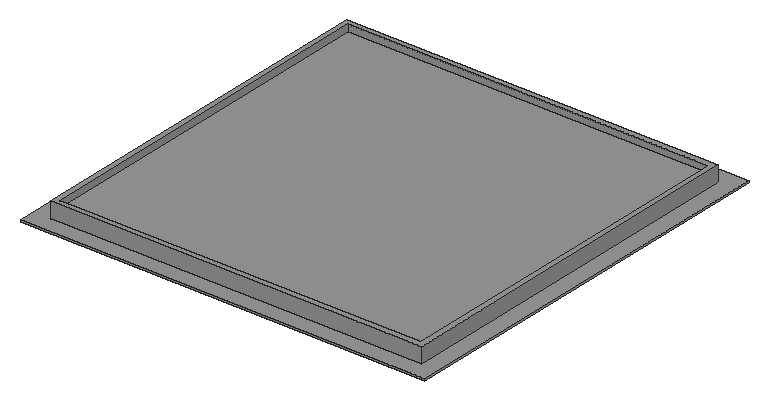
Revit family "Rahmenkassette Schwerlast, blind, RKSL, Nenngröße 350-3, Belastungsklasse 2", category Generic Models, Revit 2015
Parameters (values of type "RK SL2 V3 20")
  Width 1 = 388 mm
  Width = 424 mm
  URL = "http://www.obo-bettermann.com"
  Material = Stainless Steel
  Manufacturer Art.No. = "7405952"
  Manufacturer = "OBO Bettermann"
  Height 1 = 18 mm
  Height = 20 mm
  GTIN = "4012195106050"
  Cut depth = 9 mm
  Article Type = "RK SL2 V3 20"
Types (5, lengths in mm): name | Width 1 | Width | Manufacturer Art.No. | Height 1 | Height | GTIN | Article Type
  (no name) | 388 | 424 | "7405952" | 18 | 20 | "4012195106050" | "RK SL2 V3 20"
  RK SL2 V3 20 | 388 | 424 | "7405952" | 18 | 20 | "4012195106050" | "RK SL2 V3 20"
  RK SL2 V3 25 | 388 | 424 | "7405956" | 23 | 25 | "4012195106067" | "RK SL2 V3 25"
  RK SL2 V3 30 | 288 | 324 | "7405960" | 28 | 30 | "4012195106074" | "RK SL2 V3 30"
  RK SL2 V3 40 | 388 | 424 | "7405968" | 38 | 40 | "4012195106111" | "RK SL2 V3 40"
Reference planes
  plane 1 "Center (Front/Back)": y = 0
  plane 2: z = 0
  plane 3 "Center (Left/Right)": x = 0
  plane 4: z = 2
  plane 5: y = 175
  plane 6: y = -175
  plane 7: z = 11
Forms (mm)
  Extrusion 1, solid, material "Stainless Steel" <- "Material"
    sketch origin (0, 0, 0) x (1, 0, 0) y (0, 1, 0)
      loop
        line (-194, 194) -> (-194, -194) -> (194, -194) -> (194, 194) -> (-194, 194)
    from 0 to 18
  Extrusion 2, solid, material "Stainless Steel" <- "Material"
    sketch origin (0, 0, 0) x (1, 0, 0) y (0, 1, 0)
      loop
        line (-212, 212) -> (-212, -212) -> (212, -212) -> (212, 212) -> (-212, 212)
      loop
        line (194, 194) -> (-194, 194) -> (-194, -194) -> (194, -194) -> (194, 194)
    from 0 to 2
  Extrusion 3, void
    sketch origin (0, 0, 0) x (1, 0, 0) y (0, 1, 0)
      loop
        line (-189.1, 189.1) -> (-189.1, -189.1) -> (189.1, -189.1) -> (189.1, 189.1) -> (-189.1, 189.1)
    from 11 to 18
  Extrusion 4, solid, material "Stainless Steel" <- "Material"
    sketch origin (0, 0, 0) x (1, 0, 0) y (0, 0, 1)
      loop
        line (-61, 0) -> (-61, -35) -> (-49, -35) -> (-49, -33) -> (-59, -33) -> (-59, 0) -> (-61, 0)
      loop
        line (59, 0) -> (59, -33) -> (46, -33) -> (46, -35) -> (61, -35) -> (61, 0) -> (59, 0)
    from -175 to 175
  Extrusion 5, void
    sketch origin (0, 0, 0) x (0, 1, 0) y (0, 0, 1)
      loop
        line (175, 0) -> (153, -33) -> (153, -35) -> (175, -35) -> (175, 0)
      loop
        line (-175, 0) -> (-175, -35) -> (-153, -35) -> (-153, -33) -> (-175, 0)
    from -61 to 61
Cuts and joins
  Extrusion 3 cuts Extrusion 1
  Extrusion 5 cuts Extrusion 4
Dimensions and locks
  "Width 1": Extrusion 1 sketch curve to Extrusion 1 sketch curve  (x2)
  equal spacing: Extrusion 1 sketch curve, plane 3 "Center (Left/Right)", Extrusion 1 sketch curve
  equal spacing: Extrusion 1 sketch curve, plane 1 "Center (Front/Back)", Extrusion 1 sketch curve
  "Height 1": Extrusion 1 to level
  "Width": Extrusion 2 sketch curve to Extrusion 2 sketch curve  (x2)
  equal spacing: Extrusion 2 sketch curve, plane 3 "Center (Left/Right)", Extrusion 2 sketch curve
  equal spacing: Extrusion 2 sketch curve, plane 1 "Center (Front/Back)", Extrusion 2 sketch curve
  locked: plane 4 to level at 2
  locked: Extrusion 3 sketch curve to Extrusion 3 sketch curve at 378.2  (x2)
  locked: Extrusion 4 sketch curve to Extrusion 4 sketch curve at 2  (x4)
  locked: Extrusion 2 to Extrusion 4 sketch curve at 35  (x2)
  locked: Extrusion 4 sketch curve to Extrusion 4 sketch curve at 118
  equal spacing: Extrusion 4 sketch curve, plane 3 "Center (Left/Right)", Extrusion 4 sketch curve, locked at 59 each
  locked: plane 5 to plane 6 at 350
  locked: plane 5 to plane 1 "Center (Front/Back)" at 175
  locked: Extrusion 4 to Extrusion 5 sketch curve at 22
  locked: Extrusion 4 to Extrusion 5 sketch curve at 35  (x2)
  locked: Extrusion 4 to Extrusion 5 sketch curve at 2  (x2)
  locked: Extrusion 5 sketch curve to Extrusion 4 at 22
  "Cut depth": plane 7 to plane 4
  locked: plane 1 "Center (Front/Back)" to Extrusion 3 sketch curve at 189.1
  locked: plane 3 "Center (Left/Right)" to Extrusion 3 sketch curve at 189.1
  aligned and locked: level to plane 2
  aligned and locked: Extrusion 1 to level
  aligned and locked: Extrusion 2 to level
  aligned and locked: Extrusion 2 to plane 4
  aligned and locked: Extrusion 2 sketch curve to Extrusion 1  (x4)
  aligned and locked: Extrusion 1 to Extrusion 3
  aligned and locked: Extrusion 4 to plane 5
  aligned and locked: plane 6 to Extrusion 4
  aligned and locked: Extrusion 5 sketch curve to plane 5
  aligned and locked: plane 6 to Extrusion 5 sketch curve
  aligned and locked: Extrusion 5 to Extrusion 4  (x2)
  aligned and locked: Extrusion 3 to plane 7
Automatic sketch dimensions
  Extrusion 4 sketch curve to level = 0 mm  (x2)
  Extrusion 4 sketch curve to Extrusion 4 sketch curve = 10 mm
  Extrusion 4 sketch curve to Extrusion 4 sketch curve = 13 mm
